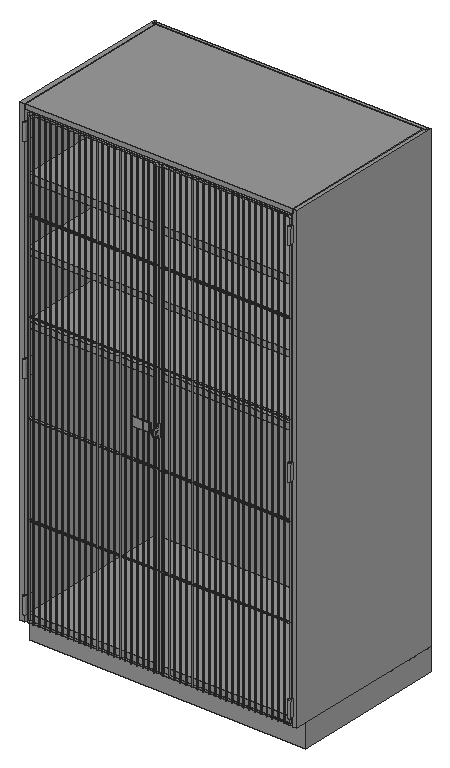
Revit family "TMI_M3151-Music_WireDoors1", category Casework, Revit 2016
Family settings
  OmniClass Number = 23.40.35.14.11
  OmniClass Title = Modular Casework
  Work Plane-Based = No
  Always vertical = Yes
  Cut with Voids When Loaded = No
  Shared = No
  Room Calculation Point = No
Parameters (values of type "48" x 84-1/2" x 29"")
  URL = "www.tmisystems.com"
  Toe Kick Height = 4"
  Toe Kick Depth = 2"
  Shelf Thickness = 1 1/8"
  Model = "M3150"
  Manufacturer = "TMI Systems Corporation"
  Interior Finish = none
  Filler Width (Left) [instance] = 3"
  Filler Right [instance] = no
  Filler Left [instance] = no
  Filler Width (Right) [instance] = 3"
  Description = "Hats, Uniform Accessories *Top* Uniforms , Robes *Bottom*"
  Depth = 29"
  Height = 84 1/2"
  Width = 48"
  Casework Thickness = 3/4"
  Casework Back Thickness = 1/2"
  Cabinet Finish = Plastic Laminate
  Assembly Code = ""
Types (2): name | Depth
  48" x 84-1/2" x 29" | 29"
  48" x 84-1/2" x 23" | 23"
Reference planes (in)
  plane 1 "Back": y = 15
  plane 2: z = 0
  plane 3 "Center (Left/Right)": x = 0.7377
  plane 4 "Left": x = -23.2623
  plane 5 "Right": x = 24.7377
  plane 6 "Front": y = -14
  plane 7 "Top": z = 84.5
  plane 8: y = 14.375
  plane 9: x = -22.5123
  plane 10: x = 23.9877
  plane 11: z = 83.75
  plane 12: y = 14.875
  plane 13: y = -12
  plane 14: z = 4
  plane 15: z = 5.125
  plane 16: y = -13.61906
  plane 17: y = -11.25
  plane 18: y = -13.25
  plane 19: y = -13.49461
  plane 20: z = 42.25
  plane 21: z = 83.25
  plane 22: x = 24.3627
  plane 23: x = -22.8873
  plane 24: z = 73.5
  plane 25: y = -13.60344
  plane 26: y = 5.375
  plane 27: z = 46.75
  plane 28: x = -22.3873
  plane 29: x = 23.8627
  plane 30: z = 62.125
  plane 31: z = 50.75
  plane 32: x = -0.5748
  plane 33: x = -3.7623
  plane 34: z = 42.5625
  plane 35: z = 41.0625
  plane 36: y = -14.125
Forms (in)
  Extrusion 1, solid, material "Plastic Laminate" <- "Cabinet Finish"
    sketch origin (0, 0.21844, 0) x (1, 0, 0) y (0, 1, 0)
      loop
        line (-23.2623, 14.78156) -> (-23.2623, -14.21844) -> (-22.5123, -14.21844) -> (-22.5123, 14.15656) -> (-22.88677, 14.15656) -> (-22.88677, 14.78156) -> (-23.2623, 14.78156)
      loop
        line (24.36077, 14.78156) -> (24.36077, 14.15656) -> (23.9877, 14.15656) -> (23.9877, -14.21844) -> (24.7377, -14.21844) -> (24.7377, 14.78156) -> (24.36077, 14.78156)
    from 4 to 84.5
  Extrusion 2, solid, material "Plastic Laminate" <- "Cabinet Finish"
    sketch origin (0.84915, 11.94613, -1.44731) x (1, 0, 0) y (0, 0, 1)
      loop
        line (-23.36145, 6.57231) -> (-23.36145, 5.44731) -> (23.13855, 5.44731) -> (23.13855, 6.57231) -> (-23.36145, 6.57231)
    from -2.42887 to 25.54956
  Extrusion 3, solid, material "Plastic Laminate" <- "Cabinet Finish"
    sketch origin (0, 0, 0) x (1, 0, 0) y (0, 1, 0)
      loop
        line (-22.88677, 14.875) -> (-22.88677, 14.375) -> (24.36077, 14.375) -> (24.36077, 14.875) -> (-22.88677, 14.875)
    from 84.5 to 4
  Extrusion 4, solid, material "Plastic Laminate" <- "Cabinet Finish", visible <- "Filler Right"
    sketch origin (0, -14, 0) x (1, 0, 0) y (0, 0, 1)
      loop
        line (24.7377, 84.5) -> (24.7377, 4) -> (27.7377, 4) -> (27.7377, 84.5) -> (24.7377, 84.5)
    from -0.75 to 0
  Extrusion 5, solid, material "Plastic Laminate" <- "Cabinet Finish", visible <- "Filler Left"
    sketch origin (0, -14, 0) x (1, 0, 0) y (0, 0, 1)
      loop
        line (-26.2623, 84.5) -> (-26.2623, 4) -> (-23.2623, 4) -> (-23.2623, 84.5) -> (-26.2623, 84.5)
    from -0.75 to 0
  Extrusion 6, solid, material "Wood"
    sketch origin (0, 0, 0) x (1, 0, 0) y (0, 0, 1)
      loop
        line (24.7377, 4) -> (-23.2623, 4) -> (-23.2623, 0) -> (24.7377, 0) -> (24.7377, 4)
    from -15 to 12
  Extrusion 7, solid, material "Wood", visible <- "Filler Right"
    sketch origin (0, 0, 0) x (1, 0, 0) y (0, 0, 1)
      loop
        line (27.7377, 4) -> (24.7377, 4) -> (24.7377, 0) -> (27.7377, 0) -> (27.7377, 4)
    from 11.25 to 12
  Extrusion 8, solid, material "Wood", visible <- "Filler Left"
    sketch origin (0, 0, 0) x (1, 0, 0) y (0, 0, 1)
      loop
        line (-23.2623, 4) -> (-26.2623, 4) -> (-26.2623, 0) -> (-23.2623, 0) -> (-23.2623, 4)
    from 11.25 to 12
  Extrusion 9, solid, material "Plastic Laminate" <- "Cabinet Finish"
    sketch origin (0, -14, 0) x (1, 0, 0) y (0, 0, 1)
      loop
        line (-22.5123, 72.375) -> (23.9877, 72.375) -> (23.9877, 73.5) -> (-22.5123, 73.5) -> (-22.5123, 72.375)
      loop
        line (-22.5123, 61) -> (23.9877, 61) -> (23.9877, 62.125) -> (-22.5123, 62.125) -> (-22.5123, 61)
      loop
        line (-22.5123, 49.625) -> (23.9877, 49.625) -> (23.9877, 50.75) -> (-22.5123, 50.75) -> (-22.5123, 49.625)
    from -28.375 to -0.50539
  Extrusion 10, solid, material "Plastic Laminate" <- "Cabinet Finish"
    sketch origin (0, 15, 0) x (1, 0, 0) y (0, 0, 1)
      loop
        line (-22.5123, 84.5) -> (-22.5123, 83.75) -> (23.9877, 83.75) -> (23.9877, 84.5) -> (-22.5123, 84.5)
    from 0.625 to 29
  Extrusion 11, solid, material "Steel, Chrome"
    sketch origin (-23.2623, 0, 0) x (0, -1, 0) y (0, 0, 1)
      loop
        circle (-5.375, 46.75) r 0.5625
    from -47.25 to -0.75
  Extrusion 12, solid, material "Steel, Chrome"
    sketch origin (-23.2623, 0, 0) x (0, -1, 0) y (0, 0, 1)
      loop
        arc (-5.24454, 47.83318) -> (-5.375, 47.89022) -> (-5.50546, 47.83318) r 0.17773
        line (-5.50546, 47.83318) -> (-6.063, 47.0425)
        arc (-6.063, 47.0425) -> (-6.1437, 46.75) -> (-6.063, 46.4575) r 0.5704
        line (-6.063, 46.4575) -> (-5.50546, 45.63092)
        arc (-5.50546, 45.63092) -> (-5.375, 45.57388) -> (-5.24454, 45.63092) r 0.17773
        line (-5.24454, 45.63092) -> (-4.687, 46.4575)
        arc (-4.687, 46.4575) -> (-4.6063, 46.75) -> (-4.687, 47.0425) r 0.5704
        line (-4.687, 47.0425) -> (-5.24454, 47.83318)
      loop
        circle (-5.375, 47.63902) r 0.125
      loop
        circle (-5.375, 45.86098) r 0.125
      loop
        circle (-5.375, 46.75) r 0.5625
    from -0.875 to -0.75
  Extrusion 13, solid, material "Steel, Chrome"
    sketch origin (14.2377, 0, 0) x (0, -1, 0) y (0, 0, -1)
      loop
        line (-5.24454, -47.83318) -> (-4.687, -47.0425)
        arc (-4.687, -47.0425) -> (-4.6063, -46.75) -> (-4.687, -46.4575) r 0.5704
        line (-4.687, -46.4575) -> (-5.24454, -45.63092)
        arc (-5.24454, -45.63092) -> (-5.375, -45.57388) -> (-5.50546, -45.63092) r 0.17773
        line (-5.50546, -45.63092) -> (-6.063, -46.4575)
        arc (-6.063, -46.4575) -> (-6.1437, -46.75) -> (-6.063, -47.0425) r 0.5704
        line (-6.063, -47.0425) -> (-5.50546, -47.83318)
        arc (-5.50546, -47.83318) -> (-5.375, -47.89022) -> (-5.24454, -47.83318) r 0.17773
      loop
        circle (-5.375, -47.63902) r 0.125
      loop
        circle (-5.375, -45.86098) r 0.125
      loop
        circle (-5.375, -46.75) r 0.5625
    from 9.625 to 9.75
  Extrusion 14, solid
    sketch origin (0, -14, 0) x (1, 0, 0) y (0, 0, 1)
      loop
        line (-3.7623, 42.5625) -> (-3.7623, 41.0625) -> (-0.5748, 41.0625) -> (-0.5748, 42.5625) -> (-3.7623, 42.5625)
    from 0 to 0.125
Lines and regions (in)
  Masking region 1
    outline origin (44.5, 0, 0) x (1, 0, 0) y (0, 1, 0)
      loop
        line (-67.7623, 15) -> (-67.7623, -14) -> (-19.7623, -14) -> (-19.7623, 15) -> (-67.7623, 15)
  Masking region 2, visible <- "Filler Left"
    outline origin (0, 0, 0) x (1, 0, 0) y (0, 1, 0)
      loop
        line (-26.2623, -13.25) -> (-26.2623, -14) -> (-23.2623, -14) -> (-23.2623, -13.25) -> (-26.2623, -13.25)
  Masking region 3, visible <- "Filler Right"
    outline origin (0, 0, 0) x (1, 0, 0) y (0, 1, 0)
      loop
        line (24.7377, -13.25) -> (24.7377, -14) -> (27.7377, -14) -> (27.7377, -13.25) -> (24.7377, -13.25)
  symbolic lines, style "CaseworkHiddenLines"
    curve 1: line (-0.1998, -14, 0) -> (-0.3248, -14, 0)
    curve 2: line (1.9252, -14, 0) -> (2.0502, -14, 0)
Dimensions and locks (in)
  "Width": plane 4 "Left" to plane 5 "Right"
  equal spacing: plane 4 "Left", plane 3 "Center (Left/Right)", plane 5 "Right"
  "Casework Thickness": plane 4 "Left" to plane 9
  "Casework Thickness": plane 10 to plane 5 "Right"
  "Casework Thickness": plane 7 "Top" to plane 11
  "Filler Width (Right)": plane 5 "Right" to Extrusion 4
  "Filler Width (Left)": Extrusion 5 to plane 4 "Left"
  "Depth": plane 6 "Front" to plane 1 "Back"
  locked: plane 12 to plane 1 "Back" at 0.125
  "Toe Kick Depth": plane 13 to plane 6 "Front"
  "Toe Kick Height": plane 14 to level
  "Height": plane 7 "Top" to level
  locked: plane 6 "Front" to plane 16 at 0.38094
  locked: plane 6 "Front" to plane 18 at 0.75
  locked: plane 17 to plane 13 at 0.75
  plane 16 to plane 19 = 0.12445"
  equal spacing: plane 7 "Top", plane 20, plane 2
  locked: plane 11 to plane 21 at 0.5
  "Shelf Thickness": plane 15 to plane 14
  equal spacing: plane 4 "Left", plane 23, plane 9
  equal spacing: plane 10, plane 22, plane 5 "Right"
  "Casework Back Thickness": plane 12 to plane 8
  equal spacing: plane 23, plane 3 "Center (Left/Right)", plane 22
  "Shelf Thickness": plane 24 to Extrusion 9
  locked: plane 16 to plane 25 at 0.01562
  plane 7 "Top" to plane 24 to plane 30 to plane 31 = 11" locked, 11 3/8" locked, 11 3/8" locked
  locked: plane 1 "Back" to plane 26 at 9.625
  plane 26 to Extrusion 12 sketch curve = 0.688"
  locked: plane 28 to plane 9 at 0.125
  locked: plane 29 to plane 10 at 0.125
  "Shelf Thickness": plane 30 to Extrusion 9
  "Shelf Thickness": plane 31 to Extrusion 9
  locked: plane 31 to plane 27 at 4
  locked: plane 34 to plane 14 at 38.5625
  locked: plane 34 to plane 35 at 1.5
  locked: plane 3 "Center (Left/Right)" to plane 32 at 1.3125
  locked: plane 32 to plane 33 at 3.1875
  locked: plane 36 to plane 6 "Front" at 0.125
  aligned and locked: plane 2 to level
  aligned and locked: Extrusion 1 sketch curve to plane 4 "Left"
  aligned and locked: Extrusion 1 sketch curve to plane 9
  aligned and locked: Extrusion 1 sketch curve to plane 10
  aligned and locked: Extrusion 1 sketch curve to plane 5 "Right"
  aligned and locked: plane 1 "Back" to Extrusion 1
  aligned and locked: Extrusion 1 to plane 1 "Back"
  aligned and locked: Extrusion 3 sketch curve to plane 8
  aligned and locked: Extrusion 1 to plane 7 "Top"
  aligned and locked: plane 7 "Top" to Extrusion 4 sketch curve
  aligned and locked: Extrusion 4 sketch curve to plane 5 "Right"
  aligned and locked: Extrusion 5 sketch curve to plane 7 "Top"
  aligned and locked: Extrusion 7 to Extrusion 6
  aligned and locked: Extrusion 8 to Extrusion 6
  aligned and locked: plane 14 to Extrusion 8
  aligned and locked: Extrusion 6 to plane 14
  aligned and locked: Extrusion 7 to plane 14
  aligned and locked: plane 14 to Extrusion 4
  aligned and locked: Extrusion 5 to plane 14
  aligned and locked: Extrusion 1 to plane 14
  aligned and locked: Extrusion 2 to plane 14
  aligned and locked: Extrusion 2 to plane 15
  aligned and locked: Extrusion 6 to Extrusion 1
  aligned and locked: Masking region 1 sketch curve to plane 1 "Back"
  aligned and locked: Extrusion 8 to plane 13
  aligned and locked: Extrusion 9 to plane 8
  aligned and locked: plane 4 "Left" to Masking region 2 sketch curve
  aligned and locked: Masking region 3 sketch curve to plane 5 "Right"
  aligned and locked: plane 6 "Front" to Extrusion 1  (x2)
  aligned and locked: plane 6 "Front" to Extrusion 4
  aligned and locked: plane 6 "Front" to Extrusion 5
  aligned and locked: Extrusion 7 to plane 17
  aligned and locked: Extrusion 4 to plane 18
  aligned and locked: plane 18 to Extrusion 5
  aligned and locked: plane 17 to Extrusion 8
  aligned and locked: Extrusion 8 to Extrusion 5
  aligned and locked: Masking region 2 to Extrusion 5
  aligned and locked: plane 18 to Masking region 2
  aligned and locked: Extrusion 4 to Extrusion 7
  aligned and locked: Masking region 3 to Extrusion 4
  aligned and locked: Masking region 3 to plane 18
  aligned and locked: Extrusion 2 to plane 9
  aligned and locked: Extrusion 9 to plane 19
  aligned and locked: Extrusion 2 to plane 10
  aligned and locked: Extrusion 10 sketch curve to plane 11
  aligned and locked: plane 9 to Extrusion 10 sketch curve
  aligned and locked: Extrusion 10 sketch curve to plane 10
  aligned and locked: plane 6 "Front" to Extrusion 10
  aligned and locked: plane 9 to Extrusion 1
  aligned and locked: plane 6 "Front" to Masking region 1
  aligned and locked: Extrusion 10 to plane 7 "Top"
  aligned and locked: Extrusion 10 to plane 8
  aligned and locked: Extrusion 3 to Extrusion 1  (x2)
  aligned and locked: plane 8 to Extrusion 2
  aligned and locked: Extrusion 3 to plane 14
  aligned and locked: Extrusion 3 to plane 7 "Top"
  aligned and locked: plane 10 to Extrusion 9 sketch curve  (x3)
  aligned and locked: Extrusion 9 sketch curve to plane 9  (x3)
  aligned and locked: Extrusion 9 sketch curve to plane 24
  aligned and locked: Extrusion 2 to plane 25
  aligned and locked: plane 10 to Extrusion 11
  aligned and locked: Extrusion 11 to plane 9
  aligned and locked: Extrusion 12 to plane 9
  aligned and locked: Extrusion 12 to plane 28
  aligned and locked: Extrusion 13 to plane 29  (x2)
  aligned and locked: plane 10 to Extrusion 13
  aligned and locked: Extrusion 9 sketch curve to plane 30
  aligned and locked: Extrusion 9 sketch curve to plane 31
  aligned and locked: nested 1 to plane 6 "Front"
  aligned and locked: plane 9 to nested 1
  aligned and locked: plane 21 to nested 1
  aligned and locked: nested 2 to plane 10
  aligned and locked: nested 2 to plane 21
  aligned and locked: plane 6 "Front" to nested 2
  aligned and locked: Extrusion 14 to plane 34
  aligned and locked: Extrusion 14 to plane 35
  aligned and locked: plane 33 to Extrusion 14
  aligned and locked: plane 32 to Extrusion 14
  aligned and locked: Extrusion 14 to plane 6 "Front"
  aligned and locked: plane 36 to Extrusion 14
Automatic sketch dimensions
  curve 1 to level = 0"
  curve 2 to level = 0"
  curve 1 to plane 3 "Center (Left/Right)" = 1 1/16"
  curve 1 to curve 1 = 1/8"
  plane 3 "Center (Left/Right)" to curve 2 = 1 3/16"
  curve 2 to curve 2 = 1/8"
  plane 1 "Back" to Extrusion 1 sketch curve = 0"  (x2)
  Extrusion 1 sketch curve to plane 8 = 0"  (x2)
  plane 6 "Front" to Extrusion 1 sketch curve = 0"  (x2)
  Extrusion 1 sketch curve to plane 23 = 0.00052"
  plane 22 to Extrusion 1 sketch curve = 0.00194"
  Extrusion 2 sketch curve to plane 9 = 0"
  plane 10 to Extrusion 2 sketch curve = 0"
  Extrusion 2 sketch curve to plane 14 = 0"
  Extrusion 2 sketch curve to plane 15 = 0"
  Extrusion 3 sketch curve to plane 12 = 0"
  Extrusion 3 sketch curve to plane 23 = 0.00052"
  plane 22 to Extrusion 3 sketch curve = 0.00194"
  Extrusion 4 sketch curve to plane 14 = 0"
  Extrusion 4 sketch curve to plane 5 "Right" = 3"
  Extrusion 5 sketch curve to plane 14 = 0"
  plane 4 "Left" to Extrusion 5 sketch curve = 0"
  Extrusion 5 sketch curve to Extrusion 5 sketch curve = 3"
  plane 4 "Left" to Extrusion 6 sketch curve = 0"
  Extrusion 6 sketch curve to level = 0"
  plane 5 "Right" to Extrusion 6 sketch curve = 0"
  Extrusion 6 sketch curve to plane 14 = 0"
  plane 5 "Right" to Extrusion 7 sketch curve = 0"
  Extrusion 7 sketch curve to level = 0"
  Extrusion 7 sketch curve to plane 14 = 0"
  Extrusion 7 sketch curve to plane 5 "Right" = 3"
  Extrusion 8 sketch curve to plane 14 = 0"
  Extrusion 8 sketch curve to level = 0"
  plane 4 "Left" to Extrusion 8 sketch curve = 0"
  Extrusion 8 sketch curve to Extrusion 8 sketch curve = 3"
  Masking region 1 sketch curve to plane 4 "Left" = 0"
  Masking region 1 sketch curve to plane 5 "Right" = 0"
  plane 6 "Front" to Masking region 1 sketch curve = 0"
  plane 6 "Front" to Masking region 2 sketch curve = 0"
  plane 18 to Masking region 2 sketch curve = 0"
  plane 4 "Left" to Masking region 2 sketch curve = 3"
  plane 6 "Front" to Masking region 3 sketch curve = 0"
  plane 18 to Masking region 3 sketch curve = 0"
  Masking region 3 sketch curve to Masking region 3 sketch curve = 3"
  Extrusion 10 sketch curve to plane 7 "Top" = 0"
  Extrusion 11 sketch curve to plane 26 = 0"
  Extrusion 11 sketch curve to plane 27 = 0"
  Extrusion 12 sketch curve to plane 27 = 0"  (x3)
  Extrusion 12 sketch curve to plane 26 = 0"  (x5)
  Extrusion 12 sketch curve to plane 26 = 0.13046"  (x2)
  Extrusion 12 sketch curve to Extrusion 12 sketch curve = 0.1983"
  plane 27 to Extrusion 12 sketch curve = 0.2925"  (x2)
  Extrusion 12 sketch curve to Extrusion 12 sketch curve = 0.48969"  (x2)
  Extrusion 12 sketch curve to plane 27 = 0.2925"
  plane 26 to Extrusion 12 sketch curve = 0.13046"  (x2)
  plane 26 to Extrusion 12 sketch curve = 0.1983"
  Extrusion 12 sketch curve to plane 27 = 0.88902"
  Extrusion 12 sketch curve to Extrusion 12 sketch curve = 7/64"
  Extrusion 12 sketch curve to Extrusion 12 sketch curve = 0.12069"  (x2)
  Extrusion 12 sketch curve to Extrusion 12 sketch curve = 0.88902"
  Extrusion 12 sketch curve to Extrusion 12 sketch curve = 0.07347"
  Extrusion 13 sketch curve to plane 27 = 0"  (x3)
  Extrusion 13 sketch curve to plane 26 = 0"  (x5)
  Extrusion 13 sketch curve to plane 26 = 0.13046"  (x2)
  Extrusion 13 sketch curve to Extrusion 13 sketch curve = 0.1983"
  plane 27 to Extrusion 13 sketch curve = 0.2925"  (x2)
  Extrusion 13 sketch curve to Extrusion 13 sketch curve = 0.48969"  (x2)
  Extrusion 13 sketch curve to plane 27 = 0.2925"  (x2)
  plane 26 to Extrusion 13 sketch curve = 0.13046"  (x2)
  plane 26 to Extrusion 13 sketch curve = 0.1983"
  plane 27 to Extrusion 13 sketch curve = 0.88902"
  Extrusion 13 sketch curve to Extrusion 13 sketch curve = 0.07347"
  Extrusion 13 sketch curve to Extrusion 13 sketch curve = 0.12069"  (x2)
  Extrusion 13 sketch curve to Extrusion 13 sketch curve = 0.88902"
  Extrusion 13 sketch curve to Extrusion 13 sketch curve = 7/64"
  Extrusion 9 sketch curve to Extrusion 9 sketch curve = 1 1/8"  (x2)
  Extrusion 9 sketch curve to plane 24 = 1 1/8"
  plane 35 to Extrusion 14 sketch curve = 0"
  plane 5 "Right" to Extrusion 14 sketch curve = 28 1/2"
  Extrusion 14 sketch curve to Extrusion 14 sketch curve = 3 3/16"
  Extrusion 14 sketch curve to plane 35 = 1 1/2"
  radius of Extrusion 11 sketch curve = 9/16"
  radius of Extrusion 12 sketch curve = 1/8"  (x2)
  radius of Extrusion 12 sketch curve = 9/16"
  radius of Extrusion 13 sketch curve = 1/8"  (x2)
  radius of Extrusion 13 sketch curve = 9/16"
Nested families (in)
  nested 1: "Full Height Wire Grille Door 48in Wide (2 Doors)" at (-10.76315, -13.76369, 4), type "Full Height Wire Grille Door 48in Wide (2 Doors)"
    with Number of Verticle Bars 22, Bar Spacing 1"
  nested 2: "Full Height Wire Grille Door 48in Wide (2 Doors)" at (12.23856, -13.76369, 4) x (-1, 0, 0) z (0, 0, 1), type "Full Height Wire Grille Door 48in Wide (2 Doors)"
    with Number of Verticle Bars 22, Bar Spacing 1"
Definition of nested family "Full Height Wire Grille Door 48in Wide (2 Doors)"
  Parameters (values of type "Full Height Wire Grille Door 48in Wide (2 Doors)")
    Width = 22 1/2"
    Pull height from Bottom of Casework = 37 13/16"
    Number of Verticle Bars [instance] = (Width / Bar Spacing) - 1  # 22
    Height = 79 1/4"
    Distance of Hinge from Edge of Casework = 2 13/16"
    Bar Spacing [instance] = 1"
  Reference planes (in)
    plane 1 "Center (Front/Back)": y = 0
    plane 2: z = 0
    plane 3 "Center (Left/Right)": x = 0
    plane 4: x = -11.37415
    plane 5: x = -11.12585
    plane 6: z = 79.25
    plane 7: z = 79
    plane 8: z = 79.125
    plane 9: x = -11.25
    plane 10: x = 11.38138
    plane 11: x = 11.11862
    plane 12: x = 11.25
    plane 13: z = 0.25
    plane 14: z = 0.125
    plane 15: y = -0.125
    plane 16: z = 39.625
    plane 17: z = 47.525
    plane 18: z = 63.325
    plane 19: z = 31.725
    plane 20: z = 15.925
    plane 21: y = -0.17188
    plane 22: x = -10.25
    plane 23: y = 0.28516
    plane 24: y = -0.23631
    plane 25: z = 37.8125
    plane 26: z = 2.8125
    plane 27: z = 76.4375
    plane 28: z = 38.9375
    plane 29: x = -10.25
    plane 30: y = -0.17188
    plane 31: x = -9.25
    plane 32: y = -0.17188
    plane 33: x = -8.25
    plane 34: y = -0.17188
    plane 35: x = -7.25
    plane 36: y = -0.17188
    plane 37: x = -6.25
    plane 38: y = -0.17188
    plane 39: x = -5.25
    plane 40: y = -0.17188
    plane 41: x = -4.25
    plane 42: y = -0.17188
    plane 43: x = -3.25
    plane 44: y = -0.17188
    plane 45: x = -2.25
    plane 46: y = -0.17188
    plane 47: x = -1.25
    plane 48: y = -0.17188
    plane 49: x = -0.25
    plane 50: y = -0.17188
    plane 51: x = 0.75
    plane 52: y = -0.17188
    plane 53: x = 1.75
    plane 54: y = -0.17188
    plane 55: x = 2.75
    plane 56: y = -0.17188
    plane 57: x = 3.75
    plane 58: y = -0.17188
    plane 59: x = 4.75
    plane 60: y = -0.17188
    plane 61: x = 5.75
    plane 62: y = -0.17188
    plane 63: x = 6.75
    plane 64: y = -0.17188
    plane 65: x = 7.75
    plane 66: y = -0.17188
    plane 67: x = 8.75
    plane 68: y = -0.17188
    plane 69: x = 9.75
    plane 70: y = -0.17188
    plane 71: x = 10.75
    plane 72: y = -0.17188
  Forms (in)
    Sweep 1, solid
      path origin (0, 0, 0) x (1, 0, 0) y (0, 0, 1)
        loop
          arc (-11, 79.125) -> (-11.17678, 79.05178) -> (-11.25, 78.875) r 0.25
          line (-11.25, 78.875) -> (-11.25, 0.375)
          arc (-11.25, 0.375) -> (-11.17678, 0.19822) -> (-11, 0.125) r 0.25
          line (-11, 0.125) -> (11, 0.125)
          arc (11, 0.125) -> (11.17678, 0.19822) -> (11.25, 0.375) r 0.25
          line (11.25, 0.375) -> (11.25, 78.875)
          arc (11.25, 78.875) -> (11.17678, 79.05178) -> (11, 79.125) r 0.25
          line (11, 79.125) -> (-11, 79.125)
      profile "4 Circle : 4 Circle" origin (0, 0, 79.125) x (0, 0, 1) y (0, -1, 0)
        loop
          circle (0, 0) r 0.125
    Extrusion 2, solid
      sketch origin (0, 0, 0) x (0, 1, 0) y (0, 0, 1)
        loop
          circle (0, 63.325) r 0.125
        loop
          circle (0, 47.525) r 0.125
        loop
          circle (0, 15.925) r 0.125
        loop
          circle (0, 31.725) r 0.125
      from -11.25 to 11.25
    Extrusion 3, solid
      sketch origin (0, 0, 0) x (1, 0, 0) y (0, 1, 0)
        loop
          circle (-10.25, -0.17188) r 0.06444
      from 0 to 79.25
    Extrusion 4, solid
      sketch origin (1, 0, 0) x (1, 0, 0) y (0, 1, 0)
        loop
          circle (-10.25, -0.17188) r 0.06444
      from 0 to 79.25
    Extrusion 5, solid
      sketch origin (2, 0, 0) x (1, 0, 0) y (0, 1, 0)
        loop
          circle (-10.25, -0.17188) r 0.06444
      from 0 to 79.25
    Extrusion 6, solid
      sketch origin (3, 0, 0) x (1, 0, 0) y (0, 1, 0)
        loop
          circle (-10.25, -0.17188) r 0.06444
      from 0 to 79.25
    Extrusion 7, solid
      sketch origin (4, 0, 0) x (1, 0, 0) y (0, 1, 0)
        loop
          circle (-10.25, -0.17188) r 0.06444
      from 0 to 79.25
    Extrusion 8, solid
      sketch origin (5, 0, 0) x (1, 0, 0) y (0, 1, 0)
        loop
          circle (-10.25, -0.17188) r 0.06444
      from 0 to 79.25
    Extrusion 9, solid
      sketch origin (6, 0, 0) x (1, 0, 0) y (0, 1, 0)
        loop
          circle (-10.25, -0.17188) r 0.06444
      from 0 to 79.25
    Extrusion 10, solid
      sketch origin (7, 0, 0) x (1, 0, 0) y (0, 1, 0)
        loop
          circle (-10.25, -0.17188) r 0.06444
      from 0 to 79.25
    Extrusion 11, solid
      sketch origin (8, 0, 0) x (1, 0, 0) y (0, 1, 0)
        loop
          circle (-10.25, -0.17188) r 0.06444
      from 0 to 79.25
    Extrusion 12, solid
      sketch origin (9, 0, 0) x (1, 0, 0) y (0, 1, 0)
        loop
          circle (-10.25, -0.17188) r 0.06444
      from 0 to 79.25
    Extrusion 13, solid
      sketch origin (10, 0, 0) x (1, 0, 0) y (0, 1, 0)
        loop
          circle (-10.25, -0.17188) r 0.06444
      from 0 to 79.25
    Extrusion 14, solid
      sketch origin (11, 0, 0) x (1, 0, 0) y (0, 1, 0)
        loop
          circle (-10.25, -0.17188) r 0.06444
      from 0 to 79.25
    Extrusion 15, solid
      sketch origin (12, 0, 0) x (1, 0, 0) y (0, 1, 0)
        loop
          circle (-10.25, -0.17188) r 0.06444
      from 0 to 79.25
    Extrusion 16, solid
      sketch origin (13, 0, 0) x (1, 0, 0) y (0, 1, 0)
        loop
          circle (-10.25, -0.17188) r 0.06444
      from 0 to 79.25
    Extrusion 17, solid
      sketch origin (14, 0, 0) x (1, 0, 0) y (0, 1, 0)
        loop
          circle (-10.25, -0.17188) r 0.06444
      from 0 to 79.25
    Extrusion 18, solid
      sketch origin (15, 0, 0) x (1, 0, 0) y (0, 1, 0)
        loop
          circle (-10.25, -0.17188) r 0.06444
      from 0 to 79.25
    Extrusion 19, solid
      sketch origin (16, 0, 0) x (1, 0, 0) y (0, 1, 0)
        loop
          circle (-10.25, -0.17188) r 0.06444
      from 0 to 79.25
    Extrusion 20, solid
      sketch origin (17, 0, 0) x (1, 0, 0) y (0, 1, 0)
        loop
          circle (-10.25, -0.17188) r 0.06444
      from 0 to 79.25
    Extrusion 21, solid
      sketch origin (18, 0, 0) x (1, 0, 0) y (0, 1, 0)
        loop
          circle (-10.25, -0.17188) r 0.06444
      from 0 to 79.25
    Extrusion 22, solid
      sketch origin (19, 0, 0) x (1, 0, 0) y (0, 1, 0)
        loop
          circle (-10.25, -0.17188) r 0.06444
      from 0 to 79.25
    Extrusion 23, solid
      sketch origin (20, 0, 0) x (1, 0, 0) y (0, 1, 0)
        loop
          circle (-10.25, -0.17188) r 0.06444
      from 0 to 79.25
    Extrusion 24, solid
      sketch origin (21, 0, 0) x (1, 0, 0) y (0, 1, 0)
        loop
          circle (-10.25, -0.17188) r 0.06444
      from 0 to 79.25
  Lines and regions (in)
    model lines
      curve 1: line (11.27951, 0, 79.125) -> (-11.25002, 0, 39.625)
      curve 2: line (-11.25002, 0, 39.625) -> (11.25, 0, 0.125)
  Dimensions and locks (in)
    locked: plane 6 to plane 7 at 0.25
    equal spacing: plane 6, plane 8, plane 7
    equal spacing: plane 4, plane 9, plane 5
    locked: plane 4 to plane 5 at 0.24829
    equal spacing: plane 10, plane 12, plane 11
    plane 10 to plane 11 = 0.26276"
    equal spacing: plane 13, plane 14, plane 2
    locked: plane 13 to plane 2 at 0.25
    equal spacing: plane 12, plane 3 "Center (Left/Right)", plane 9
    locked: plane 15 to plane 1 "Center (Front/Back)" at 0.125
    "Width": plane 12 to plane 9
    "Height": plane 6 to plane 2
    plane 8 to plane 14 = 79"
    equal spacing: plane 8, plane 18, plane 17, plane 19, plane 20, plane 14
    "Bar Spacing": plane 9 to plane 22
    locked: plane 15 to plane 21 at 0.04688
    plane 1 "Center (Front/Back)" to plane 23 = 73/256"
    locked: plane 21 to plane 24 at 0.06444
    "Pull height from Bottom of Casework": plane 25 to plane 2
    "Distance of Hinge from Edge of Casework": plane 6 to plane 27
    "Distance of Hinge from Edge of Casework": plane 26 to plane 2
    equal spacing: plane 6, plane 16, level
    locked: plane 28 to plane 25 at 1.125
    equal spacing: group 1, group 2, group 3, group 4, group 5, group 6, group 7, group 8, group 9, group 10, group 11, group 12, group 13, group 14, group 15, group 16, group 17, group 18, group 19, group 20, group 21, group 22  (x3)
    aligned and locked: plane 2 to level
    aligned and locked: Sweep 1 sketch curve to plane 12
    aligned and locked: Sweep 1 sketch curve to plane 8
    aligned and locked: plane 9 to Sweep 1 sketch curve
    aligned and locked: plane 14 to Sweep 1 sketch curve
    aligned and locked: Extrusion 2 to plane 12
    aligned and locked: Extrusion 2 to plane 9
    aligned and locked: nested 1 to plane 10
    aligned and locked: plane 23 to nested 1
    aligned and locked: plane 10 to nested 1
    aligned and locked: nested 2 to plane 4
    aligned and locked: plane 24 to nested 2
    aligned and locked: nested 2 to plane 27
    aligned and locked: nested 3 to plane 4
    aligned and locked: plane 24 to nested 3
    aligned and locked: nested 3 to plane 26
    aligned and locked: nested 4 to plane 4
    aligned and locked: nested 4 to plane 16
    aligned and locked: plane 24 to nested 4
    aligned and locked: nested 1 to plane 28
    aligned and locked: Extrusion 3 to level
    aligned and locked: plane 6 to Extrusion 3
  Automatic sketch dimensions
    plane 5 to Sweep 1 sketch curve = 0.12585"
    Sweep 1 sketch curve to Sweep 1 sketch curve = 1/4"  (x2)
    plane 11 to Sweep 1 sketch curve = 0.11862"
    Extrusion 2 sketch curve to plane 1 "Center (Front/Back)" = 0"  (x4)
    Extrusion 2 sketch curve to plane 20 = 0"
    Extrusion 2 sketch curve to plane 19 = 0"
    Extrusion 2 sketch curve to plane 17 = 0"
    Extrusion 2 sketch curve to plane 18 = 0"
    curve 2 to plane 16 = 0"
    plane 12 to curve 2 = 0"
    curve 1 to plane 8 = 0"
    curve 2 to plane 14 = 0"
    curve 2 to plane 9 = 0"
    curve 1 to plane 12 = 0.02951"
    Extrusion 3 sketch curve to plane 29 = 0"
    Extrusion 3 sketch curve to plane 30 = 0"
    Extrusion 4 sketch curve to plane 31 = 0"
    Extrusion 4 sketch curve to plane 32 = 0"
    Extrusion 5 sketch curve to plane 33 = 0"
    Extrusion 5 sketch curve to plane 34 = 0"
    Extrusion 6 sketch curve to plane 35 = 0"
    Extrusion 6 sketch curve to plane 36 = 0"
    Extrusion 7 sketch curve to plane 37 = 0"
    Extrusion 7 sketch curve to plane 38 = 0"
    Extrusion 8 sketch curve to plane 39 = 0"
    Extrusion 8 sketch curve to plane 40 = 0"
    Extrusion 9 sketch curve to plane 41 = 0"
    Extrusion 9 sketch curve to plane 42 = 0"
    Extrusion 10 sketch curve to plane 43 = 0"
    Extrusion 10 sketch curve to plane 44 = 0"
    Extrusion 11 sketch curve to plane 45 = 0"
    Extrusion 11 sketch curve to plane 46 = 0"
    Extrusion 12 sketch curve to plane 47 = 0"
    Extrusion 12 sketch curve to plane 48 = 0"
    Extrusion 13 sketch curve to plane 49 = 0"
    Extrusion 13 sketch curve to plane 50 = 0"
    Extrusion 14 sketch curve to plane 51 = 0"
    Extrusion 14 sketch curve to plane 52 = 0"
    Extrusion 15 sketch curve to plane 53 = 0"
    Extrusion 15 sketch curve to plane 54 = 0"
    Extrusion 16 sketch curve to plane 55 = 0"
    Extrusion 16 sketch curve to plane 56 = 0"
    Extrusion 17 sketch curve to plane 57 = 0"
    Extrusion 17 sketch curve to plane 58 = 0"
    Extrusion 18 sketch curve to plane 59 = 0"
    Extrusion 18 sketch curve to plane 60 = 0"
    Extrusion 19 sketch curve to plane 61 = 0"
    Extrusion 19 sketch curve to plane 62 = 0"
    Extrusion 20 sketch curve to plane 63 = 0"
    Extrusion 20 sketch curve to plane 64 = 0"
    Extrusion 21 sketch curve to plane 65 = 0"
    Extrusion 21 sketch curve to plane 66 = 0"
    Extrusion 22 sketch curve to plane 67 = 0"
    Extrusion 22 sketch curve to plane 68 = 0"
    Extrusion 23 sketch curve to plane 69 = 0"
    Extrusion 23 sketch curve to plane 70 = 0"
    Extrusion 24 sketch curve to plane 71 = 0"
    Extrusion 24 sketch curve to plane 72 = 0"
    radius of Extrusion 2 sketch curve = 1/8"  (x4)
    radius of Extrusion 3 sketch curve = 0.06444"
    radius of Extrusion 4 sketch curve = 0.06444"
    radius of Extrusion 5 sketch curve = 0.06444"
    radius of Extrusion 6 sketch curve = 0.06444"
    radius of Extrusion 7 sketch curve = 0.06444"
    radius of Extrusion 8 sketch curve = 0.06444"
    radius of Extrusion 9 sketch curve = 0.06444"
    radius of Extrusion 10 sketch curve = 0.06444"
    radius of Extrusion 11 sketch curve = 0.06444"
    radius of Extrusion 12 sketch curve = 0.06444"
    radius of Extrusion 13 sketch curve = 0.06444"
    radius of Extrusion 14 sketch curve = 0.06444"
    radius of Extrusion 15 sketch curve = 0.06444"
    radius of Extrusion 16 sketch curve = 0.06444"
    radius of Extrusion 17 sketch curve = 0.06444"
    radius of Extrusion 18 sketch curve = 0.06444"
    radius of Extrusion 19 sketch curve = 0.06444"
    radius of Extrusion 20 sketch curve = 0.06444"
    radius of Extrusion 21 sketch curve = 0.06444"
    radius of Extrusion 22 sketch curve = 0.06444"
    radius of Extrusion 23 sketch curve = 0.06444"
    radius of Extrusion 24 sketch curve = 0.06444"
  Nested families (in)
    nested 1: "Pad Lock" at (11.38138, -0.33984, 37.8125), type "Pad Lock"
    nested 2: "5k hinge (music)" at (-11.5929, 0.76369, 75.03125) x (-1, 0, 0) z (0, 0, 1), type "5k hinge (music)"
      with Width 16"
    nested 3: "5k hinge (music)" at (-11.5929, 0.76369, 1.40625) x (-1, 0, 0) z (0, 0, 1), type "5k hinge (music)"
      with Width 16"
    nested 4: "5k hinge (music)" at (-11.5929, 0.76369, 38.21875) x (-1, 0, 0) z (0, 0, 1), type "5k hinge (music)"
      with Width 16"
  Definition of nested family "Pad Lock"
    Reference planes (in)
      plane 1 "Center (Front/Back)": y = 0
      plane 2: z = 0
      plane 3 "Center (Left/Right)": x = 0
      plane 4: z = 1.125
      plane 5: z = -1.125
      plane 6: y = -1.125
      plane 7: y = 0.625
      plane 8: y = -0.5625
      plane 9: x = 0.0625
    Forms (in)
      Extrusion 1, solid
        sketch origin (0, 0.00036, 0.01611) x (0, 0, 1) y (0, -1, 0)
          loop
            line (0.98389, 0) -> (0.56967, 0) -> (0.56967, 0.56286)
            arc (0.56967, 0.56286) -> (0, 1.13253) -> (-0.56967, 0.56286) r 0.56967
            line (-0.56967, 0.56286) -> (-0.56967, 0) -> (-1.01611, 0)
            arc (-1.01611, 0) -> (-1.1045, -0.03661) -> (-1.14111, -0.125) r 0.125
            line (-1.14111, -0.125) -> (-1.14111, -0.62464) -> (1.10889, -0.62464) -> (1.10889, -0.125)
            arc (1.10889, -0.125) -> (1.07227, -0.03661) -> (0.98389, 0) r 0.125
          loop
            circle (0, 0.56286) r 0.375
        from 0 to 0.0625
    Dimensions and locks (in)
      locked: plane 4 to plane 5 at 2.25
      locked: plane 6 to plane 7 at 1.75
      locked: plane 9 to plane 3 "Center (Left/Right)" at 0.0625
      equal spacing: plane 1 "Center (Front/Back)", plane 8, plane 6
      locked: plane 7 to plane 1 "Center (Front/Back)" at 0.625
      equal spacing: plane 5, plane 2, plane 4
      aligned and locked: plane 2 to level
      aligned and locked: plane 9 to Extrusion 1
    Automatic sketch dimensions
      Extrusion 1 sketch curve to Extrusion 1 sketch curve = 0"  (x2)
      Extrusion 1 sketch curve to plane 5 = 0"
      Extrusion 1 sketch curve to plane 8 = 0"
      plane 4 to Extrusion 1 sketch curve = 0"
      Extrusion 1 sketch curve to plane 7 = 0"
      Extrusion 1 sketch curve to plane 1 "Center (Front/Back)" = 0.00036"
      plane 5 to Extrusion 1 sketch curve = 1/8"
      Extrusion 1 sketch curve to level = 0.55355"
      level to Extrusion 1 sketch curve = 0.01611"
      Extrusion 1 sketch curve to Extrusion 1 sketch curve = 1/8"
      Extrusion 1 sketch curve to plane 1 "Center (Front/Back)" = 0.12536"
      radius of Extrusion 1 sketch curve = 3/8"
  Definition of nested family "5k hinge (music)"
    Parameters (values of type "5k hinge (music)")
      door thickness = 1"
      Width [instance] = 16"
      Hinge Distance from Door = 9/16"
      5K hinge size = 2 13/16"
    Reference planes (in)
      plane 1 "Center (Front/Back)": y = 0
      plane 2: z = 0
      plane 3 "Center (Left/Right)": x = 0
      plane 4: x = -0.15625
      plane 5: y = -1
      plane 6: y = -0.5
      plane 7: y = -1.5625
      plane 8: y = -1.28125
      plane 9: x = 0.15625
      plane 10: z = 2.8125
      plane 11: z = 1.40625
      plane 12: x = -0.21875
    Forms (in)
      Extrusion 1, solid
        sketch origin (-8.15625, 0, 0) x (1, 0, 0) y (0, 1, 0)
          loop
            line (8.15625, -1) -> (8.15625, -1.04949)
            arc (8.15625, -1.04949) -> (7.85521, -1.421) -> (8.3125, -1.28125) r 0.25
            line (8.3125, -1.28125) -> (8.3125, 0) -> (8.15625, 0) -> (7.9375, 0) -> (7.9375, -1) -> (8.15625, -1)
        from 0 to 2.8125
    Dimensions and locks (in)
      equal spacing: plane 1 "Center (Front/Back)", plane 6, plane 5
      "Hinge Distance from Door": plane 5 to plane 7
      equal spacing: plane 5, plane 8, plane 7
      "5K hinge size": plane 10 to plane 2
      "door thickness": plane 1 "Center (Front/Back)" to plane 5
      equal spacing: plane 10, plane 11, plane 2
      equal spacing: plane 4, plane 3 "Center (Left/Right)", plane 9
      plane 4 to plane 9 = 5/16"
      plane 12 to plane 4 = 1/16"
      aligned and locked: plane 2 to level
      aligned and locked: plane 5 to Extrusion 1 sketch curve
      aligned and locked: Extrusion 1 to plane 10
      aligned and locked: plane 9 to Extrusion 1
      aligned and locked: Extrusion 1 to plane 2
      aligned and locked: plane 12 to Extrusion 1 sketch curve
    Automatic sketch dimensions
      Extrusion 1 sketch curve to plane 8 = 0"
      plane 1 "Center (Front/Back)" to Extrusion 1 sketch curve = 0"
      Extrusion 1 sketch curve to plane 9 = 0"
      plane 4 to Extrusion 1 sketch curve = 1/16"
      Extrusion 1 sketch curve to plane 3 "Center (Left/Right)" = 0"  (x2)
